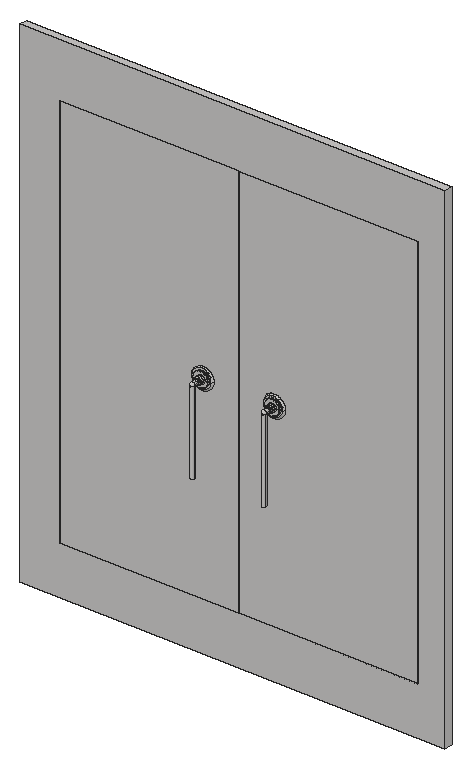
Revit family
Parameters
  문프레임재질 = 차폐문프레임재질
  Function = (empty or 0)
  Frame Projection Ext. = 25 mm
  Frame Projection Int. = 25 mm
  Frame Width = 75 mm
  Height = 1993 mm
  Wall Closure = (empty or 0)
  Width = 1800 mm
  Assembly Code = ""
Reference planes
  plane 1: y = 0
  plane 2 "Center (Left/Right)": x = 0
  plane 3 "Left": x = -900
  plane 4 "Right": x = 900
  plane 5: z = 1993
  plane 6 "Exterior": y = 75
  plane 7 "Interior": y = -75
  plane 8: x = -1099
  plane 9: x = 1039
  plane 10: z = -244
  plane 11: z = 2269
  plane 12 "CE": z = 996.5
  plane 13 "awt": x = 180
  plane 14 "ABD": y = 35
Forms (mm)
  Extrusion 1, solid, material "차폐문프레임재질" <- "문프레임재질"
    sketch origin (0, 75, 0) x (1, 0, 0) y (0, 0, 1)
      loop
        line (-1099, 2269) -> (-1099, -244) -> (1039, -244) -> (1039, 2269) -> (-1099, 2269)
      loop
        line (-900, 1993) -> (-900, 0) -> (900, 0) -> (900, 1993) -> (-900, 1993)
    from 40 to 0
  Extrusion 2, solid, material "차폐문프레임재질"
    sketch origin (0, 0, 0) x (1, 0, 0) y (0, 1, 0)
      loop
        line (0, 135) -> (-930, 135) -> (-930, 75) -> (0, 75) -> (0, 135)
    from -30 to 2023
  Extrusion 3, solid, material "차폐문프레임재질"
    sketch origin (0, 0, 0) x (-1, 0, 0) y (0, -1, 0)
      loop
        line (0, -135) -> (0, -75) -> (-930, -75) -> (-930, -135) -> (0, -135)
    from -30 to 2023
  Extrusion 4, solid, material "차폐문프레임재질" <- "문프레임재질"
    sketch origin (0, 0, 0) x (1, 0, 0) y (0, 1, 0)
      loop
        line (-900, 75) -> (-900, 35) -> (0, 35) -> (0, 75) -> (-900, 75)
    from 0 to 1993
  Extrusion 5, solid, material "차폐문프레임재질" <- "문프레임재질"
    sketch origin (0, 0, 0) x (-1, 0, 0) y (0, -1, 0)
      loop
        line (-900, -75) -> (0, -75) -> (0, -35) -> (-900, -35) -> (-900, -75)
    from 0 to 1993
  Revolve 6, solid, material "차폐문프레임재질" <- "문프레임재질"
    sketch origin (0, 0, 996.5) x (1, 0, 0) y (0, 1, 0)
      loop
        line (235, 35) -> (180, 35) -> (180, -40)
        arc (180, -40) -> (186.945, -37.123) -> (189.822, -30.178) r 9.822
        line (189.822, -30.178) -> (189.822, -10.178)
        arc (189.822, -10.178) -> (191.137, -9.633) -> (191.682, -8.318) r 1.86
        line (191.682, -8.318) -> (191.682, 2.937) -> (195.045, 2.937) -> (197.008, 4.9) -> (197.008, 14.9) -> (200.222, 20.466) -> (216.507, 20.466) -> (217.929, 22.929) -> (217.929, 27.929) -> (227.929, 27.929) -> (235, 35)
      axis (180, -40) -> (180, 35)
    angle from 0 to 360
  Sweep 7, solid, material "차폐문프레임재질" <- "문프레임재질"
    path origin (180, 0, 0) x (0, 0, 1) y (0, 1, 0)
      loop
        line (996.5, -30) -> (576.5, -30)
    profile origin (180, -30, 786.5) x (-1, 0, 0) y (0, -1, 0)
      loop
        circle (0, 0) r 10
  Revolve 8, solid, material "차폐문프레임재질" <- "문프레임재질"
    sketch origin (0, 170.1, 996.5) x (1, 0, 0) y (0, -1, 0)
      loop
        line (235.1, 35.1) -> (180, 35.1) -> (180, -40)
        arc (180, -40) -> (186.945, -37.123) -> (189.822, -30.178) r 9.822
        line (189.822, -30.178) -> (189.822, -10.178)
        arc (189.822, -10.178) -> (191.137, -9.633) -> (191.682, -8.318) r 1.86
        line (191.682, -8.318) -> (191.682, 2.937) -> (195.045, 2.937) -> (197.008, 4.9) -> (197.008, 14.9) -> (200.222, 20.466) -> (216.507, 20.466) -> (217.929, 22.929) -> (217.929, 27.929) -> (227.929, 27.929) -> (235.1, 35.1)
      axis (180, -40) -> (180, 35.1)
    angle from 0 to 360
  Sweep 9, solid, material "차폐문프레임재질" <- "문프레임재질"
    path origin (180, 170.1, 0) x (0, 0, 1) y (0, -1, 0)
      loop
        line (996.5, -30) -> (576.5, -30)
    profile origin (180, 200.1, 786.5) x (-1, 0, 0) y (0, -1, 0)
      loop
        circle (0, 0) r 10
  Revolve 10, solid, material "차폐문프레임재질" <- "문프레임재질"
    sketch origin (0, 170.1, 996.5) x (-1, 0, 0) y (0, -1, 0)
      loop
        line (235.1, 35.1) -> (180, 35.1) -> (180, -40)
        arc (180, -40) -> (186.945, -37.123) -> (189.822, -30.178) r 9.822
        line (189.822, -30.178) -> (189.822, -10.178)
        arc (189.822, -10.178) -> (191.137, -9.633) -> (191.682, -8.318) r 1.86
        line (191.682, -8.318) -> (191.682, 2.937) -> (195.045, 2.937) -> (197.008, 4.9) -> (197.008, 14.9) -> (200.222, 20.466) -> (216.507, 20.466) -> (217.929, 22.929) -> (217.929, 27.929) -> (227.929, 27.929) -> (235.1, 35.1)
      axis (180, -40) -> (180, 35.1)
    angle from 0 to 360
  Sweep 11, solid, material "차폐문프레임재질" <- "문프레임재질"
    path origin (-180, 170.1, 0) x (0, 0, 1) y (0, -1, 0)
      loop
        line (996.5, -30) -> (576.5, -30)
    profile origin (-180, 200.1, 786.5) x (1, 0, 0) y (0, 1, 0)
      loop
        circle (0, 0) r 10
  Revolve 12, solid, material "차폐문프레임재질" <- "문프레임재질"
    sketch origin (0, 0, 996.5) x (-1, 0, 0) y (0, 1, 0)
      loop
        line (235, 35) -> (180, 35) -> (180, -40)
        arc (180, -40) -> (186.945, -37.123) -> (189.822, -30.178) r 9.822
        line (189.822, -30.178) -> (189.822, -10.178)
        arc (189.822, -10.178) -> (191.137, -9.633) -> (191.682, -8.318) r 1.86
        line (191.682, -8.318) -> (191.682, 2.937) -> (195.045, 2.937) -> (197.008, 4.9) -> (197.008, 14.9) -> (200.222, 20.466) -> (216.507, 20.466) -> (217.929, 22.929) -> (217.929, 27.929) -> (227.929, 27.929) -> (235, 35)
      axis (180, -40) -> (180, 35)
    angle from 0 to 360
  Sweep 13, solid, material "차폐문프레임재질" <- "문프레임재질"
    path origin (-180, 0, 0) x (0, 0, 1) y (0, -1, 0)
      loop
        line (996.5, 30) -> (576.5, 30)
    profile origin (-180, -30, 786.5) x (1, 0, 0) y (0, 1, 0)
      loop
        circle (0, 0) r 10
Lines and regions (mm)
  Opening 1
    outline origin (-3050, -75, 0) x (1, 0, 0) y (0, 0, 1)
      loop
        line (2150, 0) -> (3950, 0) -> (3950, 1993) -> (2150, 1993) -> (2150, 0)
Text (mm)
  text "Exterior" at (-2295.016, 1099.543, 0), in view "Ref. Level"
  text "Exterior" at (0, 1615.38, 3698.081), in view "Left"
  text "Exterior" at (0, 1036.032, 3874.932), in view "Right"
Dimensions and locks
  equal spacing: plane 3 "Left", plane 2 "Center (Left/Right)", plane 4 "Right"
  "Width": plane 3 "Left" to plane 4 "Right"
  "Height": plane 5 to host wall
  host wall to plane 5 = 1993 mm  (x2)
  locked: plane 6 "Exterior" to host wall at 0
  locked: plane 7 "Interior" to host wall
  locked: plane 8 to plane 3 "Left" at 199
  locked: plane 4 "Right" to plane 9 at 139
  locked: plane 10 to level at 244
  locked: plane 5 to plane 11 at 276
  locked: Extrusion 2 sketch curve to plane 3 "Left" at 30
  locked: Extrusion 2 to plane 5 at 30
  locked: level to Extrusion 2 at 30
  locked: Extrusion 1 to plane 6 "Exterior" at 40
  locked: plane 6 "Exterior" to Extrusion 2 sketch curve at 60
  equal spacing: level, plane 12 "CE", plane 5
  locked: plane 5 to Extrusion 2 at 30
  locked: plane 5 to Extrusion 3 at 30
  locked: plane 4 "Right" to Extrusion 3 at 30
  locked: Extrusion 2 to plane 3 "Left" at 30
  locked: Extrusion 2 to level at 30
  locked: plane 6 "Exterior" to plane 14 "ABD" at 40
  Revolve 6 sketch curve to Revolve 6 sketch curve to Revolve 6 sketch curve to Revolve 6 sketch curve to Revolve 6 sketch curve to Extrusion 5 = 29.822 mm locked, 13.115 mm locked, 17.529 mm locked, 7.463 mm locked, 7.071 mm locked
  locked: Sweep 7 sketch curve to Extrusion 1 at 65
  plane 14 "ABD" to Revolve 12 sketch curve to Revolve 12 sketch curve to Revolve 12 sketch curve to Revolve 12 sketch curve to Revolve 12 sketch curve = 7.071 mm locked, 7.463 mm locked, 17.529 mm locked, 13.115 mm locked, 29.822 mm locked
  locked: Sweep 13 sketch curve to plane 14 "ABD" at 65
  aligned and locked: plane 3 "Left" to Opening 1 sketch curve
  aligned and locked: plane 5 to Opening 1 sketch curve  (x2)
  aligned and locked: Opening 1 sketch curve to plane 4 "Right"
  aligned and locked: Opening 1 sketch curve to level
  aligned and locked: plane 1 to host wall
  aligned and locked: plane 8 to Extrusion 1 sketch curve
  aligned and locked: Extrusion 1 sketch curve to plane 11
  aligned and locked: Extrusion 1 sketch curve to plane 9
  aligned and locked: Extrusion 1 sketch curve to plane 10
  aligned and locked: Extrusion 1 sketch curve to host wall  (x4)
  aligned and locked: plane 2 "Center (Left/Right)" to Extrusion 2 sketch curve
  aligned and locked: Extrusion 1 to host wall
  aligned and locked: plane 6 "Exterior" to Extrusion 2 sketch curve
  aligned and locked: Extrusion 1 to plane 6 "Exterior"
  aligned and locked: host wall to Extrusion 4 sketch curve
  aligned and locked: Extrusion 4 sketch curve to Extrusion 1  (x2)
  aligned and locked: Extrusion 4 sketch curve to plane 2 "Center (Left/Right)"
  aligned and locked: Extrusion 4 to host wall
  aligned and locked: Extrusion 4 to level
  aligned and locked: Extrusion 5 to host wall
  aligned and locked: Extrusion 5 to level
  aligned and locked: Revolve 6 sketch curve to plane 13 "awt"
  aligned and locked: Extrusion 3 to Revolve 8
  aligned and locked: Extrusion 2 to host wall
  aligned and locked: Extrusion 5 to plane 6 "Exterior"
  aligned and locked: plane 6 "Exterior" to Extrusion 3
  aligned and locked: Extrusion 1 to Extrusion 5
  aligned and locked: plane 14 "ABD" to Extrusion 5
  aligned and locked: Revolve 6 sketch curve to plane 14 "ABD"
Automatic sketch dimensions
  Extrusion 3 sketch curve to host wall = 0 mm
  Extrusion 3 sketch curve to plane 2 "Center (Left/Right)" = 0 mm
  plane 4 "Right" to Extrusion 3 sketch curve = 30 mm
  Extrusion 3 sketch curve to Extrusion 3 sketch curve = 60 mm
  Extrusion 5 sketch curve to plane 4 "Right" = 0 mm
  Extrusion 5 sketch curve to plane 2 "Center (Left/Right)" = 0 mm
  Extrusion 5 sketch curve to plane 14 "ABD" = 0 mm
  Extrusion 5 sketch curve to host wall = 0 mm
  Revolve 6 sketch curve to plane 13 "awt" = 0 mm
  Revolve 6 sketch curve to Revolve 6 sketch curve = 9.822 mm
  Revolve 6 sketch curve to Revolve 6 sketch curve = 1.86 mm
  Revolve 6 sketch curve to Revolve 6 sketch curve = 3.363 mm
  Revolve 6 sketch curve to Revolve 6 sketch curve = 1.962 mm  (x2)
  Revolve 6 sketch curve to Revolve 6 sketch curve = 3.214 mm
  Revolve 6 sketch curve to Revolve 6 sketch curve = 16.286 mm
  Revolve 6 sketch curve to Revolve 6 sketch curve = 1.422 mm
  Revolve 6 sketch curve to Revolve 6 sketch curve = 10 mm
  Revolve 6 sketch curve to Revolve 6 sketch curve = 7.071 mm
  host wall to Revolve 6 sketch curve = 165 mm
  Revolve 6 sketch curve to Revolve 6 sketch curve = 5.567 mm
  Revolve 6 sketch curve to Revolve 6 sketch curve = 2.463 mm
  host wall to Revolve 6 sketch curve = 305 mm
  Sweep 7 sketch curve to plane 12 "CE" = 0 mm
  Sweep 7 sketch curve to Sweep 7 sketch curve = 420 mm
  Sweep 7 sketch curve to plane 13 "awt" = 0 mm
  Sweep 7 sketch curve to profile plane = 0 mm
  Revolve 8 sketch curve to plane 13 "awt" = 0 mm  (x2)
  plane 13 "awt" to Revolve 8 sketch curve = 9.822 mm
  Revolve 8 sketch curve to Revolve 8 sketch curve = 1.86 mm
  Revolve 8 sketch curve to Revolve 8 sketch curve = 3.363 mm
  Revolve 8 sketch curve to Revolve 8 sketch curve = 1.962 mm  (x2)
  Revolve 8 sketch curve to Revolve 8 sketch curve = 3.214 mm
  Revolve 8 sketch curve to Revolve 8 sketch curve = 16.286 mm
  Revolve 8 sketch curve to Revolve 8 sketch curve = 1.422 mm
  Revolve 8 sketch curve to Revolve 8 sketch curve = 10 mm  (x2)
  Revolve 8 sketch curve to Revolve 8 sketch curve = 7.171 mm
  Revolve 8 sketch curve to host wall = 335.1 mm
  Revolve 8 sketch curve to host wall = 135.1 mm
  Revolve 8 sketch curve to Revolve 8 sketch curve = 20 mm
  Revolve 8 sketch curve to Revolve 8 sketch curve = 11.255 mm
  Revolve 8 sketch curve to Revolve 8 sketch curve = 5.567 mm
  Revolve 8 sketch curve to Revolve 8 sketch curve = 2.463 mm
  Revolve 8 sketch curve to Revolve 8 sketch curve = 5 mm
  Revolve 8 sketch curve to Revolve 8 sketch curve = 14.634 mm
  Revolve 8 sketch curve to host wall = 134.9 mm
  Sweep 9 sketch curve to plane 12 "CE" = 0 mm
  plane 6 "Exterior" to Sweep 9 sketch curve = 125.1 mm
  Sweep 9 sketch curve to Sweep 9 sketch curve = 420 mm
  Sweep 9 sketch curve to plane 13 "awt" = 0 mm
  Sweep 9 sketch curve to profile plane = 0 mm
  Revolve 10 sketch curve to plane 2 "Center (Left/Right)" = 180 mm  (x2)
  host wall to Revolve 10 sketch curve = 60 mm
  Revolve 10 sketch curve to Revolve 10 sketch curve = 9.822 mm
  Revolve 10 sketch curve to Revolve 10 sketch curve = 1.86 mm
  host wall to Revolve 10 sketch curve = 92.163 mm
  Revolve 10 sketch curve to Revolve 10 sketch curve = 3.363 mm
  Revolve 10 sketch curve to Revolve 10 sketch curve = 1.962 mm  (x2)
  Revolve 10 sketch curve to Revolve 10 sketch curve = 3.214 mm
  Revolve 10 sketch curve to Revolve 10 sketch curve = 16.286 mm
  Revolve 10 sketch curve to Revolve 10 sketch curve = 1.422 mm
  host wall to Revolve 10 sketch curve = 67.171 mm
  Revolve 10 sketch curve to Revolve 10 sketch curve = 10 mm  (x2)
  Revolve 10 sketch curve to Revolve 10 sketch curve = 7.171 mm
  Revolve 10 sketch curve to Revolve 10 sketch curve = 11.255 mm
  Revolve 10 sketch curve to Revolve 10 sketch curve = 20 mm
  Revolve 10 sketch curve to Revolve 10 sketch curve = 200 mm
  Revolve 10 sketch curve to Revolve 10 sketch curve = 5.567 mm
  Revolve 10 sketch curve to Revolve 10 sketch curve = 2.463 mm
  host wall to Revolve 10 sketch curve = 134.9 mm
  Sweep 11 sketch curve to plane 12 "CE" = 0 mm
  Sweep 11 sketch curve to plane 6 "Exterior" = 125.1 mm
  Sweep 11 sketch curve to Sweep 11 sketch curve = 420 mm
  profile plane to Sweep 11 sketch curve = 0 mm
  Sweep 11 sketch curve to profile plane = 0 mm
  Revolve 12 sketch curve to plane 14 "ABD" = 0 mm
  plane 2 "Center (Left/Right)" to Revolve 12 sketch curve = 180 mm  (x2)
  Revolve 12 sketch curve to Revolve 12 sketch curve = 9.822 mm
  Revolve 12 sketch curve to Revolve 12 sketch curve = 1.86 mm
  Revolve 12 sketch curve to Revolve 12 sketch curve = 3.363 mm
  Revolve 12 sketch curve to Revolve 12 sketch curve = 1.962 mm  (x2)
  Revolve 12 sketch curve to Revolve 12 sketch curve = 3.214 mm
  Revolve 12 sketch curve to Revolve 12 sketch curve = 16.286 mm
  Revolve 12 sketch curve to Revolve 12 sketch curve = 1.422 mm
  Revolve 12 sketch curve to Revolve 12 sketch curve = 10 mm
  Revolve 12 sketch curve to Revolve 12 sketch curve = 7.071 mm
  Revolve 12 sketch curve to host wall = 165 mm
  Revolve 12 sketch curve to Revolve 12 sketch curve = 5.567 mm
  Revolve 12 sketch curve to Revolve 12 sketch curve = 2.463 mm
  Revolve 12 sketch curve to host wall = 305 mm
  Sweep 13 sketch curve to plane 12 "CE" = 0 mm
  Sweep 13 sketch curve to Sweep 13 sketch curve = 420 mm
  profile plane to Sweep 13 sketch curve = 0 mm
  Sweep 13 sketch curve to profile plane = 0 mm
  radius of Sweep 7 sketch curve = 10 mm
  radius of Sweep 9 sketch curve = 10 mm
  radius of Sweep 11 sketch curve = 10 mm
  radius of Sweep 13 sketch curve = 10 mm
